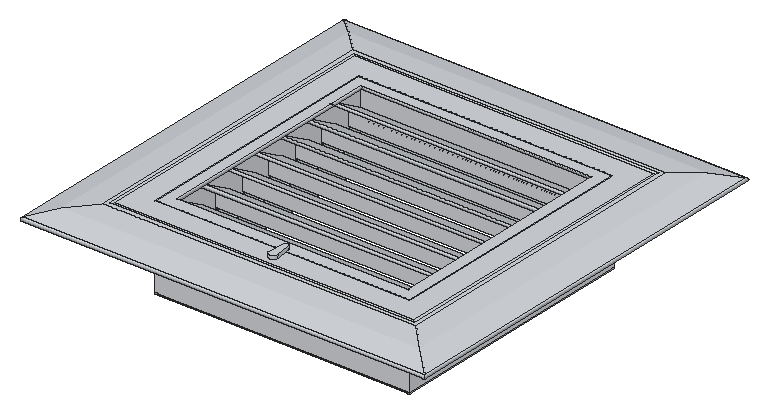
Revit family "GMK2B", category Air Terminals, Revit 2012
Parameters (values of type "GMK2B-06-06")
  separación = 13/16"
  Width = A Largo + 2"  # 8"
  URL = "http://www.innes.com.mx"
  N° de rejillas = (B / (separación))  # 7
  Mínima velocidad de cuello = 0 FPM
  Mínima presión estática = 0.00 in-wg
  Máximo nivel de ruido (NC) = ""
  Máxima velocidad de cuello = 0 FPM
  Máxima presión estática = 0.00 in-wg
  Material = ""
  Manufacturer = "INNES"
  Height = B + 2"  # 8"
  Cuello = ""
  B = 6"
  A Largo = 6"
Types (5): name | Width | N° de rejillas | Height | B | A Largo
  (no name) | 8" | 7 | 8" | 6" | 6"
  GMK2B-06-06 | 8" | 7 | 8" | 6" | 6"
  GMK2B-12-12 | 14" | 15 | 14" | 12" | 12"
  GMK2B-24-24 | 26" | 30 | 26" | 24" | 24"
  GMK2B-48-36 | 50" | 44 | 38" | 36" | 48"
Reference planes (in)
  plane 1 "Center (Front/Back)": y = 0
  plane 2: z = 0
  plane 3 "Center (Left/Right)": x = 0
  plane 4: x = -3
  plane 5: x = 3
  plane 6: y = 3
  plane 7: y = -3
  plane 8: z = -0.39062
  plane 9: y = 2.62702
  plane 10: z = 0.125
Forms (in)
  Sweep 1, solid
    path origin (0, 0, 0) x (1, 0, 0) y (0, 1, 0)
      loop
        line (-3, 3) -> (-3, -3) -> (3, -3) -> (3, 3) -> (-3, 3)
    profile origin (0, 3, 0) x (0, 1, 0) y (0, 0, 1)
      loop
        line (0, 0) -> (0, -0.85272)
        arc (0, -0.85272) -> (0.04175, -0.87016) -> (0.05902, -0.91198) r 0.05926
        line (0.05902, -0.91198) -> (0.05902, -1.23486) -> (0, -1.29388) -> (0.05985, -1.35373) -> (0.05985, -1.96904)
        arc (0.05985, -1.96904) -> (0.0911, -2.00029) -> (0.12235, -1.96904) r 0.03125
        line (0.12235, -1.96904) -> (0.12235, -1.35911) -> (0.05902, -1.29578) -> (0.11994, -1.23486) -> (0.11994, -0.87929)
        arc (0.11994, -0.87929) -> (0.09671, -0.84107) -> (0.05926, -0.81663) r 0.10104
        line (0.05926, -0.81663) -> (0.05926, -0.1875) -> (0.33648, -0.1875) -> (0.33648, -0.15148) -> (0.19854, -0.15148) -> (0.19854, -0.10958) -> (0.7198, -0.10958) -> (0.7198, -0.15148) -> (0.60316, -0.15148) -> (0.60316, -0.1875) -> (0.85316, -0.1875) -> (0.85316, -0.15148) -> (1.07016, -0.15148) -> (1.07016, -0.23566) -> (1.92969, -0.23566)
        arc (1.92969, -0.23566) -> (1.95771, -0.19075) -> (1.92693, -0.14768) r 0.04763
        arc (1.92693, -0.14768) -> (1.39129, 0.00641) -> (0.83636, 0.05837) r 2.98909
        line (0.83636, 0.05837) -> (0.73638, 0.05837) -> (0.70275, 0.02474) -> (0.66912, 0.05837) -> (0.13153, 0.05837) -> (0.1147, 0.02802) -> (0.09883, 0.0625) -> (-0.17022, 0.0625)
        arc (-0.17022, 0.0625) -> (-0.18831, 0.03197) -> (-0.17292, 0) r 0.03757
        line (-0.17292, 0) -> (0, 0)
  Extrusion 2, solid
    sketch origin (0, 0, 0) x (1, 0, 0) y (0, 1, 0)
      loop
        line (-0.05398, -3) -> (-0.10994, -3.4047)
        arc (-0.10994, -3.4047) -> (0, -3.51464) -> (0.10994, -3.4047) r 0.10994
        line (0.10994, -3.4047) -> (0.05398, -3)
        arc (0.05398, -3) -> (0, -2.94602) -> (-0.05398, -3) r 0.05398
    from 0 to 0.125
Dimensions and locks (in)
  equal spacing: plane 4, plane 3 "Center (Left/Right)", plane 5
  equal spacing: plane 6, plane 1 "Center (Front/Back)", plane 7
  "A Largo": plane 4 to plane 5
  "B": plane 6 to plane 7
  locked: level to plane 8 at 0.39063
  locked: plane 6 to plane 9 at 0.37298
  equal spacing: group 1, group 2, group 3, group 4, group 5, group 6, group 7  (x2)
  equal spacing: group 7, group 6, group 5, group 4, group 3, group 2, group 1
  "separación": nested 1 to nested 2
  locked: plane 10 to level at 0.125
  aligned and locked: plane 2 to level
  aligned and locked: Sweep 1 sketch curve to plane 6
  aligned and locked: plane 4 to Sweep 1 sketch curve
  aligned and locked: plane 7 to Sweep 1 sketch curve
  aligned and locked: Sweep 1 sketch curve to plane 5
  aligned and locked: nested 1 to plane 3 "Center (Left/Right)"
  aligned and locked: plane 8 to nested 1
  aligned and locked: plane 9 to nested 1
  aligned and locked: plane 8 to nested 2
  aligned and locked: nested 2 to plane 5
  aligned and locked: plane 7 to Extrusion 2 sketch curve
  aligned and locked: plane 10 to Extrusion 2
Automatic sketch dimensions
  Sweep 1 sketch curve to level = 0"
  Sweep 1 sketch curve to profile plane = 0"  (x2)
  profile plane to Sweep 1 sketch curve = 0.00024"
  level to Sweep 1 sketch curve = 0.03035"
  profile plane to Sweep 1 sketch curve = 0.15078"
  Sweep 1 sketch curve to Sweep 1 sketch curve = 0.01944"
  Sweep 1 sketch curve to Sweep 1 sketch curve = 0.02214"
  Sweep 1 sketch curve to profile plane = 0.02412"
  Sweep 1 sketch curve to profile plane = 0.05902"
  Sweep 1 sketch curve to Sweep 1 sketch curve = 0.0349"
  Sweep 1 sketch curve to profile plane = 0.05926"
  Sweep 1 sketch curve to Sweep 1 sketch curve = 0.00083"
  Sweep 1 sketch curve to Sweep 1 sketch curve = 1/32"
  Sweep 1 sketch curve to profile plane = 0.09883"
  level to Sweep 1 sketch curve = 0.02802"
  Sweep 1 sketch curve to Sweep 1 sketch curve = 0.01587"
  Sweep 1 sketch curve to Sweep 1 sketch curve = 0.06092"
  Sweep 1 sketch curve to Sweep 1 sketch curve = 0.0327"
  Sweep 1 sketch curve to Sweep 1 sketch curve = 0.13928"
  Sweep 1 sketch curve to Sweep 1 sketch curve = 0.13794"
  Sweep 1 sketch curve to Sweep 1 sketch curve = 0.26668"
  Sweep 1 sketch curve to Sweep 1 sketch curve = 0.06596"
  level to Sweep 1 sketch curve = 0.05837"
  level to Sweep 1 sketch curve = 0.02474"
  Sweep 1 sketch curve to Sweep 1 sketch curve = 0.03363"  (x2)
  Sweep 1 sketch curve to Sweep 1 sketch curve = 0.11665"
  Sweep 1 sketch curve to Sweep 1 sketch curve = 0.09997"
  Sweep 1 sketch curve to Sweep 1 sketch curve = 0.13335"
  Sweep 1 sketch curve to Sweep 1 sketch curve = 0.217"
  Sweep 1 sketch curve to level = 0.10958"
  Sweep 1 sketch curve to level = 0.14768"
  Sweep 1 sketch curve to Sweep 1 sketch curve = 0.0419"  (x3)
  Sweep 1 sketch curve to Sweep 1 sketch curve = 0.03602"  (x2)
  Sweep 1 sketch curve to Sweep 1 sketch curve = 0.62913"
  Sweep 1 sketch curve to Sweep 1 sketch curve = 0.03609"
  Sweep 1 sketch curve to Sweep 1 sketch curve = 0.03269"
  Sweep 1 sketch curve to Sweep 1 sketch curve = 0.32289"
  Sweep 1 sketch curve to Sweep 1 sketch curve = 0"
  Sweep 1 sketch curve to Sweep 1 sketch curve = 0.05902"
  Sweep 1 sketch curve to Sweep 1 sketch curve = 0.05795"
  Sweep 1 sketch curve to Sweep 1 sketch curve = 0.08798"
  Sweep 1 sketch curve to level = 0.19224"
  Sweep 1 sketch curve to Sweep 1 sketch curve = 0.83994"
  Sweep 1 sketch curve to Sweep 1 sketch curve = 0.01682"
  Sweep 1 sketch curve to Sweep 1 sketch curve = 0.60993"
  Extrusion 2 sketch curve to plane 3 "Center (Left/Right)" = 0"  (x2)
  Extrusion 2 sketch curve to Extrusion 2 sketch curve = 0.05398"
  Extrusion 2 sketch curve to Extrusion 2 sketch curve = 0.10994"
  Extrusion 2 sketch curve to plane 7 = 0.4047"
Nested families (in)
  nested 1: "Rejilla k" at (3, 2.53306, -0.39062) x (-1, 0, 0) z (0, 0, 1), type "Rejilla k"
    with Largo rejilla K 6"
  nested 2: "Rejilla k" at (3, 1.72056, -0.39062) x (-1, 0, 0) z (0, 0, 1), type "Rejilla k"
    with Largo rejilla K 6"
  nested 3: "Rejilla k" at (3, 0.90806, -0.39062) x (-1, 0, 0) z (0, 0, 1), type "Rejilla k"
    with Largo rejilla K 6"
  nested 4: "Rejilla k" at (3, 0.09556, -0.39062) x (-1, 0, 0) z (0, 0, 1), type "Rejilla k"
    with Largo rejilla K 6"
  nested 5: "Rejilla k" at (3, -0.71694, -0.39062) x (-1, 0, 0) z (0, 0, 1), type "Rejilla k"
    with Largo rejilla K 6"
  nested 6: "Rejilla k" at (3, -1.52944, -0.39062) x (-1, 0, 0) z (0, 0, 1), type "Rejilla k"
    with Largo rejilla K 6"
  nested 7: "Rejilla k" at (3, -2.34194, -0.39062) x (-1, 0, 0) z (0, 0, 1), type "Rejilla k"
    with Largo rejilla K 6"
Connectors (in)
  hvac at (0, 0, -0.15148), driven by "Height", driven by "Width"
    settings: on Sweep 1, index 1, duct flow 0 CFM, flow factor 0, pres drop 0.00 in-wg, loss coef 0, conn angle 0.00°, conn width 8", conn height 8", conn radius 12", duct sys type 1, conn prof type 1, flow config 0, flow direction 0, loss method 0, conn ref index -1, conn util no, is conn primary yes, conn desc ""
Definition of nested family "Rejilla k"
  Parameters (values of type "Rejilla k")
    Largo rejilla K = 40"
    Eje mitad rejilla = 15"
  Reference planes (in)
    plane 1 "Center (Front/Back)": y = 0
    plane 2: z = 0
    plane 3 "Center (Left/Right)": x = 0
    plane 4: x = 40
    plane 5: z = -0.39063
    plane 6: y = -0.46875
    plane 7: y = 0.46875
    plane 8: z = 0.39062
    plane 9: x = 20
    plane 10: z = 0
  Forms (in)
    Extrusion 1, solid
      sketch origin (0, 0.46367, 0.38288) x (0, 0, 1) y (0, -1, 0)
        loop
          arc (-0.50491, 0.91296) -> (-0.5476, 0.9244) -> (-0.55904, 0.88171) r 0.03125
          line (-0.55904, 0.88171) -> (-0.40802, 0.62013) -> (-0.7682, 0.62013) -> (-0.7682, 0.55763) -> (-0.37193, 0.55763) -> (-0.05904, 0.01568)
          arc (-0.05904, 0.01568) -> (-0.01635, 0.00424) -> (-0.00491, 0.04693) r 0.03125
          line (-0.00491, 0.04693) -> (-0.50491, 0.91296)
      from 0 to 40
  Dimensions and locks (in)
    Extrusion 1 sketch curve to Extrusion 1 sketch curve = 1/16"  (x2)
    Extrusion 1 sketch curve to Extrusion 1 sketch curve = 0.30205"
    "Largo rejilla K": plane 4 to plane 3 "Center (Left/Right)"
    locked: plane 1 "Center (Front/Back)" to plane 6 at 0.46875
    locked: level to plane 5 at 0.39063
    equal spacing: plane 7, plane 1 "Center (Front/Back)", plane 6
    equal spacing: plane 8, level, plane 5
    equal spacing: plane 3 "Center (Left/Right)", plane 9, plane 4
    "Largo rejilla K": plane 3 "Center (Left/Right)" to plane 4
    aligned and locked: plane 2 to level
    aligned and locked: Extrusion 1 to plane 4
  Automatic sketch dimensions
    Extrusion 1 sketch curve to level = 0.38532"
    Extrusion 1 sketch curve to level = 0.17616"
    Extrusion 1 sketch curve to Extrusion 1 sketch curve = 0.02706"  (x4)
    Extrusion 1 sketch curve to Extrusion 1 sketch curve = 0.15102"
    Extrusion 1 sketch curve to Extrusion 1 sketch curve = 0.03608"
    Extrusion 1 sketch curve to plane 1 "Center (Front/Back)" = 0.44798"
    Extrusion 1 sketch curve to Extrusion 1 sketch curve = 0.31289"
    plane 1 "Center (Front/Back)" to Extrusion 1 sketch curve = 0.09396"
